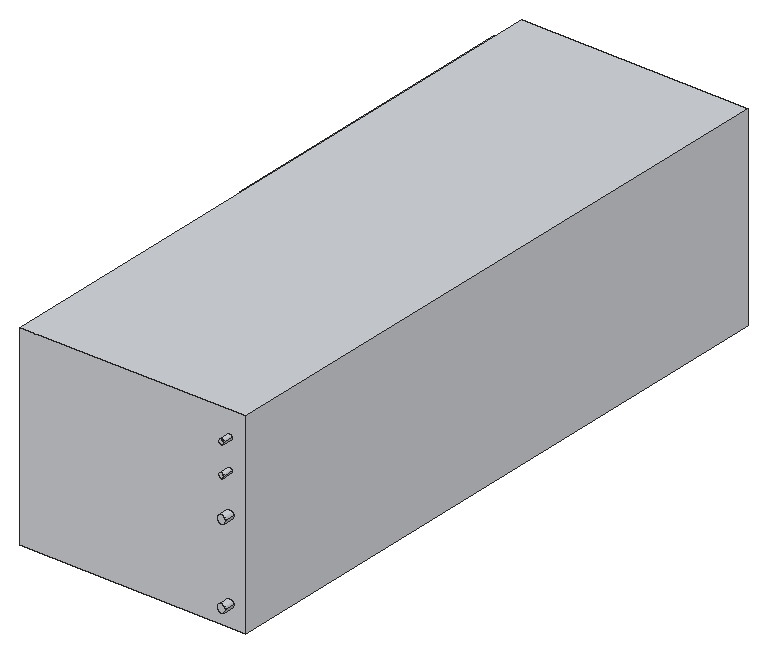
Revit family "M_WSHP - Horizontal - Alta eficiência - 7-18 kW - Retorno esquerdo - Descarga traseira", category Equipamento mecânico, Revit 2019
Family settings
  Cota do conector redondo = Usar raio
  Tipo de parte = Normal
  Número OmniClass = 23.75.10.21.17
  Título OmniClass = Water-Source Heat Pumps
  ID de item do Seek = WSHP - Horizontal - High Efficiency - 7-18 kW - Left Return - Back Discharge-0000-CAN-ENU
  Com base no plano de trabalho = Não
  Sempre na vertical = Sim
  Corte com vazios quando carregada = Não
  Compartilhado = Não
  Ponto de cálculo do ambiente = Não
Parameters (values of type "7 kW")
  Raio do fornecimento de água = 10 mm
  Diâmetro do fornecimento de água = Raio do fornecimento de água * 2  # 20 mm
  Raio do retorno da água = 10 mm
  Diâmetro do retorno da água = Raio do retorno da água * 2  # 20 mm
  Queda de pressão da água [instance] = 24131.6 Pa
  Fluxo da água [instance] = 0.5 L/s
  Voltagem = 208 V
  Largura do ar de fornecimento = 400 mm
  Altura do ar de fornecimento = 325 mm
  Altura do ar de retorno = 450 mm
  Largura do ar de retorno = 800 mm
  Largura da bomba = 1579.9 mm
  Material da bomba = none
  Comprimento da bomba = 568.9 mm
  Altura da bomba = 490.2 mm
  Número de pólos = 3
  Classificação de carga = Refrigeração
  Raio do fornecimento de água quente = 6 mm
  Diâmetro do fornecimento de água quente = Raio do fornecimento de água quente * 2  # 12 mm
  Raio do retorno de água quente = 6 mm
  Diâmetro do retorno de água quente = Raio do retorno de água quente * 2  # 12 mm
  Fluxo da água quente [instance] = 0.32 L/s
  Raio da condensação = 10 mm
  Fluxo da drenagem [instance] = 0.0 L/s
  Diâmetro da condensação = Raio da condensação * 2  # 20 mm
  C6 Deslocamento 1 = 55.9 mm
  C5 Deslocamento 2 = 91.5 mm
  C5 Deslocamento 1 = 50.8 mm
  C4 Deslocamento 1 = 353 mm
  C3 Deslocamento 1 = 429.2 mm
  C2 Deslocamento 1 = 254 mm
  C1 Deslocamento 1 = 53.4 mm
  Carga aparente = 3952 VA
  Pressão estática externa [instance] = 149.3 Pa
  Fluxo de ar [instance] = 377.56 L/s
Types (5, lengths in mm): name | Raio do fornecimento de água | Diâmetro do fornecimento de água | Raio do retorno da água | Diâmetro do retorno da água | Queda de pressão da água | Fluxo da água | Largura do ar de fornecimento | Altura do ar de fornecimento | Altura do ar de retorno | Largura do ar de retorno | Largura da bomba | Comprimento da bomba | Altura da bomba | Fluxo da água quente | C5 Deslocamento 2 | C5 Deslocamento 1 | C4 Deslocamento 1 | C3 Deslocamento 1 | C2 Deslocamento 1 | C1 Deslocamento 1 | Carga aparente | Pressão estática externa | Fluxo de ar
  (no name) | 10 | 20 | 10 | 20 | 24131.6 Pa | 0.5 L/s | 400 | 325 | 450 | 800 | 1579.9 | 568.9 | 490.2 | 0.32 L/s | 91.5 | 50.8 | 353 | 429.2 | 254 | 53.4 | 3952 VA | 149.3 Pa | 377.56 L/s
  7 kW | 10 | 20 | 10 | 20 | 24131.6 Pa | 0.5 L/s | 400 | 325 | 450 | 800 | 1579.9 | 568.9 | 490.2 | 0.32 L/s | 91.5 | 50.8 | 353 | 429.2 | 254 | 53.4 | 3952 VA | 149.3 Pa | 377.56 L/s
  11 kW | 10 | 20 | 10 | 20 | 31026.4 Pa | 0.57 L/s | 450 | 475 | 500 | 900 | 1808.5 | 645.1 | 541 | 0.5 L/s | 78.8 | 25.4 | 370.9 | 480 | 274.3 | 151.4 | 5283 VA | 149.3 Pa | 566.34 L/s
  14 kW | 15 | 30 | 15 | 30 | 24821.1 Pa | 0.76 L/s | 450 | 475 | 500 | 1050 | 1935.5 | 645.1 | 541 | 0.63 L/s | 78.8 | 25.4 | 396.3 | 480 | 274.3 | 151.4 | 6780 VA | 199.07 Pa | 755.12 L/s
  18 kW | 15 | 30 | 15 | 30 | 24821.1 Pa | 0.95 L/s | 450 | 475 | 500 | 1150 | 2062.5 | 645.1 | 541 | 0.82 L/s | 78.8 | 25.4 | 396.3 | 480 | 274.3 | 151.4 | 7696 VA | 199.07 Pa | 943.89 L/s
Reference planes
  plane 1 "Centro (Frente/Trás)": y = 0
  plane 2: z = 0
  plane 3 "Centro (Esquerda/Direita)": x = 0
  plane 4: y = 1579.9
  plane 5: x = 568.9
  plane 6: z = 490.2
  plane 7: y = 1524
  plane 8: y = 724
  plane 9: z = 245.1
  plane 10: z = 470.1
  plane 11: z = 20.1
  plane 12: x = -25.4
  plane 13: x = 491.5
  plane 14: x = 91.5
  plane 15: z = 50.8
  plane 16: z = 375.8
  plane 17: y = 1605.3
  plane 18: z = 86.36
  plane 19: z = 86.36
  plane 20: x = 511.75
  plane 21: z = 363.2
  plane 22: x = 40.64
  plane 23: x = 528.26
  plane 24: z = 53.4
  plane 25: z = 254
  plane 26: z = 353
  plane 27: z = 429.2
  plane 28: y = -25.4
Forms (mm)
  Extrusion 1, solid, material <- "Material da bomba"
    sketch origin (0, 0, 0) x (1, 0, 0) y (0, 1, 0)
      loop
        line (0, 0) -> (568.9, 0) -> (568.9, 1579.9) -> (0, 1579.9) -> (0, 0)
    from 0 to 490.2
  Extrusion 2, solid, material <- "Material da bomba"
    sketch origin (0, 0, 0) x (0, 1, 0) y (0, 0, 1)
      loop
        line (1524, 20.1) -> (1524, 470.1) -> (724, 470.1) -> (724, 20.1) -> (1524, 20.1)
    from -25.4 to 0
  Extrusion 3, solid, material <- "Material da bomba"
    sketch origin (0, 0, 0) x (1, 0, 0) y (0, 0, 1)
      loop
        line (491.5, 375.8) -> (91.5, 375.8) -> (91.5, 50.8) -> (491.5, 50.8) -> (491.5, 375.8)
    from -1605.3 to -1579.9
  Extrusion 4, solid, material <- "Material da bomba"
    sketch origin (0, 0, 0) x (1, 0, 0) y (0, 0, 1)
      loop
        circle (511.75, 86.36) r 10
    from -1605.3 to -1579.9
  Extrusion 5, solid, material <- "Material da bomba"
    sketch origin (0, 0, 0) x (1, 0, 0) y (0, 0, 1)
      loop
        circle (40.64, 363.2) r 25.4
    from -62.547 to 0
  Extrusion 6, solid, material <- "Material da bomba"
    sketch origin (0, 0, 0) x (1, 0, 0) y (0, 0, 1)
      loop
        circle (528.26, 53.4) r 10
    from 0 to 25.4
  Extrusion 7, solid, material <- "Material da bomba"
    sketch origin (0, 0, 0) x (1, 0, 0) y (0, 0, 1)
      loop
        circle (528.26, 254) r 10
    from 0 to 25.4
  Extrusion 8, solid, material <- "Material da bomba"
    sketch origin (0, 0, 0) x (1, 0, 0) y (0, 0, 1)
      loop
        circle (528.26, 353) r 6
    from 0 to 25.4
  Extrusion 9, solid, material <- "Material da bomba"
    sketch origin (0, 0, 0) x (1, 0, 0) y (0, 0, 1)
      loop
        circle (528.26, 429.2) r 6
    from 0 to 25.4
Cuts and joins
  joined: Extrusion 1, Extrusion 2, Extrusion 3, Extrusion 4, Extrusion 5, Extrusion 6, Extrusion 7, Extrusion 8, Extrusion 9
Dimensions and locks
  "Largura da bomba": plane 4 to plane 1 "Centro (Frente/Trás)"
  "Comprimento da bomba": plane 3 "Centro (Esquerda/Direita)" to plane 5
  "Altura da bomba": plane 6 to level
  "C6 Deslocamento 1": plane 4 to plane 7
  "Largura do ar de retorno": plane 7 to plane 8
  equal spacing: plane 11, plane 9, plane 10
  "Altura do ar de retorno": plane 11 to plane 10
  locked: plane 12 to Extrusion 1 at 25.4
  "C5 Deslocamento 1": level to plane 15
  "Altura do ar de fornecimento": plane 15 to plane 16
  "C5 Deslocamento 2": plane 3 "Centro (Esquerda/Direita)" to plane 14
  "Largura do ar de fornecimento": plane 14 to plane 13
  locked: plane 17 to plane 4 at 25.4
  locked: plane 2 to plane 19 at 86.36
  locked: plane 5 to plane 20 at 57.15
  locked: plane 22 to plane 3 "Centro (Esquerda/Direita)" at 40.64
  locked: plane 6 to plane 21 at 127
  locked: plane 23 to plane 5 at 40.64
  "C1 Deslocamento 1": plane 24 to plane 2
  "C2 Deslocamento 1": plane 25 to level
  "C4 Deslocamento 1": plane 26 to level
  "C3 Deslocamento 1": plane 27 to level
  locked: plane 28 to plane 1 "Centro (Frente/Trás)" at 25.4
  equal spacing: plane 6, plane 9, level
  "Raio da condensação": radius of Extrusion 4 sketch curve
  radius of Extrusion 5 sketch curve = 25.4 mm
  "Raio do fornecimento de água": radius of Extrusion 6 sketch curve
  "Raio do retorno da água": radius of Extrusion 7 sketch curve
  "Raio do retorno de água quente": radius of Extrusion 8 sketch curve
  "Raio do fornecimento de água quente": radius of Extrusion 9 sketch curve
  aligned and locked: plane 3 "Centro (Esquerda/Direita)" to Extrusion 1 sketch curve
  aligned and locked: plane 1 "Centro (Frente/Trás)" to Extrusion 1 sketch curve
  aligned and locked: plane 4 to Extrusion 1 sketch curve
  aligned and locked: plane 5 to Extrusion 1 sketch curve
  aligned and locked: plane 6 to Extrusion 1
  aligned and locked: plane 7 to Extrusion 2 sketch curve
  aligned and locked: Extrusion 2 sketch curve to plane 11
  aligned and locked: plane 10 to Extrusion 2 sketch curve
  aligned and locked: Extrusion 2 sketch curve to plane 8
  aligned and locked: Extrusion 2 to plane 12
  aligned and locked: plane 3 "Centro (Esquerda/Direita)" to Extrusion 2
  aligned and locked: Extrusion 1 to level
  aligned and locked: plane 13 to Extrusion 3 sketch curve
  aligned and locked: plane 16 to Extrusion 3 sketch curve
  aligned and locked: plane 15 to Extrusion 3 sketch curve
  aligned and locked: plane 14 to Extrusion 3 sketch curve
  aligned and locked: plane 17 to Extrusion 3
  aligned and locked: Extrusion 3 to plane 4
  aligned and locked: Extrusion 4 to Extrusion 3
  aligned and locked: Extrusion 4 to plane 4
  aligned and locked: plane 19 to Extrusion 4 sketch curve
  aligned and locked: plane 20 to Extrusion 4 sketch curve
  aligned and locked: plane 21 to Extrusion 5 sketch curve
  aligned and locked: plane 22 to Extrusion 5 sketch curve
  aligned and locked: plane 24 to Extrusion 6 sketch curve
  aligned and locked: plane 23 to Extrusion 6 sketch curve
  aligned and locked: plane 23 to Extrusion 7 sketch curve
  aligned and locked: plane 25 to Extrusion 7 sketch curve
  aligned and locked: plane 23 to Extrusion 8 sketch curve
  aligned and locked: plane 26 to Extrusion 8 sketch curve
  aligned and locked: plane 23 to Extrusion 9 sketch curve
  aligned and locked: plane 27 to Extrusion 9 sketch curve
  aligned and locked: Extrusion 9 to plane 28
  aligned and locked: Extrusion 8 to Extrusion 9
  aligned and locked: Extrusion 7 to Extrusion 8
  aligned and locked: Extrusion 6 to Extrusion 7  (x2)
  aligned and locked: Extrusion 6 to plane 1 "Centro (Frente/Trás)"
  aligned and locked: Extrusion 6 to Extrusion 1
  aligned and locked: Extrusion 9 to plane 1 "Centro (Frente/Trás)"
Connectors
  piping at (528.26, -25.4, 53.4), diameter 20, driven by "Raio do fornecimento de água", driven by "Fluxo da água"
    settings: on Extrusion 6, index 1, connector inside diameter 20 mm, connector length 0 mm, flow factor 0, pipe flow 0.5 L/s, pressure drop 0.0 Pa, fitting loss kfactor 0, connector angle 0.00°, fixture units 0, engagement length 0 mm, angle of deflection 0.00°, flow configuration 1, flow direction 1, fitting loss method 0, system type 7, joint type 0, gender type 0, connector reference index 2, connector utility 0, adjustable connector no, is connector primary yes, connector description "Entrada do fornecimento de água"
  piping at (528.26, -25.4, 254), diameter 20, driven by "Raio do retorno da água", driven by "Fluxo da água", driven by "Queda de pressão da água"
    settings: on Extrusion 7, index 2, connector inside diameter 20 mm, connector length 0 mm, flow factor 0, pipe flow 0.5 L/s, pressure drop 24131.6 Pa, fitting loss kfactor 0, connector angle 0.00°, fixture units 0, engagement length 0 mm, angle of deflection 0.00°, flow configuration 1, flow direction 2, fitting loss method 4, system type 8, joint type 0, gender type 0, connector reference index 1, connector utility 0, adjustable connector no, is connector primary no, connector description "Saída do retorno da água"
  piping at (528.26, -25.4, 429.2), diameter 12, driven by "Fluxo da água quente", driven by "Raio do fornecimento de água quente"
    settings: on Extrusion 9, index 3, connector inside diameter 12 mm, connector length 0 mm, flow factor 0, pipe flow 0.32 L/s, pressure drop 0.0 Pa, fitting loss kfactor 0, connector angle 0.00°, fixture units 0, engagement length 0 mm, angle of deflection 0.00°, flow configuration 0, flow direction 2, fitting loss method 0, system type 7, joint type 0, gender type 0, connector reference index 4, connector utility 0, adjustable connector no, is connector primary no, connector description "Saída do fornecimento de água quente"
  piping at (528.26, -25.4, 353), diameter 12, driven by "Raio do retorno de água quente", driven by "Fluxo da água quente"
    settings: on Extrusion 8, index 4, connector inside diameter 12 mm, connector length 0 mm, flow factor 0, pipe flow 0.32 L/s, pressure drop 0.0 Pa, fitting loss kfactor 0, connector angle 0.00°, fixture units 0, engagement length 0 mm, angle of deflection 0.00°, flow configuration 0, flow direction 1, fitting loss method 0, system type 8, joint type 0, gender type 0, connector reference index 3, connector utility 0, adjustable connector no, is connector primary no, connector description "Entrada do retorno de água quente"
  hvac at (291.5, 1605.3, 213.3), driven by "Fluxo de ar", driven by "Largura do ar de fornecimento", driven by "Altura do ar de fornecimento"
    settings: on Extrusion 3, index 5, duct flow 377.56 L/s, flow factor 0, pres drop 0.0 Pa, loss coef 0, conn angle 0.00°, conn width 400 mm, conn height 325 mm, conn diameter 609.6 mm, duct sys type 1, conn prof type 1, flow config 0, flow direction 2, loss method 0, conn ref index 6, conn util no, is conn primary yes, conn desc ""
  hvac at (-25.4, 1124, 245.1), driven by "Fluxo de ar", driven by "Altura do ar de retorno", driven by "Largura do ar de retorno"
    settings: on Extrusion 2, index 6, duct flow 377.56 L/s, flow factor 0, pres drop 0.0 Pa, loss coef 0, conn angle 0.00°, conn width 800 mm, conn height 450 mm, conn diameter 609.6 mm, duct sys type 2, conn prof type 1, flow config 0, flow direction 1, loss method 0, conn ref index 5, conn util no, is conn primary no, conn desc ""
  piping at (511.75, 1605.3, 86.36), diameter 20, driven by "Fluxo da drenagem", driven by "Raio da condensação"
    settings: on Extrusion 4, index 7, connector inside diameter 20 mm, connector length 0 mm, flow factor 0, pipe flow 0.0 L/s, pressure drop 0.0 Pa, fitting loss kfactor 0, connector angle 0.00°, fixture units 0, engagement length 0 mm, angle of deflection 0.00°, flow configuration 1, flow direction 2, fitting loss method 0, system type 16, joint type 0, gender type 0, connector reference index -1, connector utility 0, adjustable connector yes, is connector primary no, connector description "Saída de condensação"
  electrical at (40.64, 0, 363.2), driven by "Carga aparente", driven by "Voltagem", driven by "Número de pólos", driven by "Classificação de carga"
    settings: on Extrusion 5, index 8, voltage 208 V, apparent load 3952 VA, apparent load phase1 0 VA, apparent load phase2 0 VA, apparent load phase3 0 VA, power factor 0.8, load classification "Refrigeração", number of poles 3, system type 30, power factor state 1, is connector primary yes, connector utility no, sub classification motor no, connector description ""
